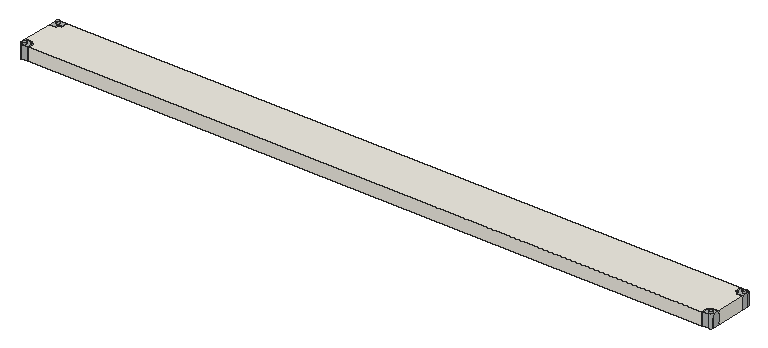
Revit family "HIGHTECH", category Осветительные приборы, Revit 2019 (continued)
Types (32, lengths in mm): name | Файл фотометрической сетки | built-in parameter 1150105 | Lumens | built-in parameter 1150106 | built-in parameter 1150142 | Wattage | Emit from Rectangle Width | Emit from Rectangle Length | Длина | Ширина | ADSK_Ток | ADSK_Полная мощность | ADSK_Обозначение | ADSK_Номинальная мощность | ADSK_Наименование | ADSK_Масса | ADSK_Код изделия
  Hightech-76/opal-sand 595х1195 (IP40, 4000К, белый) | "Светильник HIGHTECH-76 OPAL-SAND-(595x1195).IES" | 604.79 (stored number, unit not read) | 7600 lm | 6.0479 (stored number, unit not read) | "IESNA:LM-63-95\r\n[TEST] Протокол № 9\r\n[DATA]17.06.2016\r\n[MORE] \r\n[MANUFAC] ЗАО \"Центрстройсвет\"\r\n[LUMCAT]  Светильник CSVT HIGHTECH 76/OPAL-SAND-(595x1195)\r\n[LUMINAIRE]\r\n[LAMPCAT] Светодиоды\r\n[LAMP] Поток источника света (светодиодов) не известен\r\n[MORE] КСС приведена в абсолютных величинах кд\r\n[MORE] Вместо потока лампы, указан поток светильника.\r\nTILT=NONE\r\n1    7550 1.0 37 73 1 2 0.595 1.195 0.04\r\n1.0 1.0 74.9\r\n0.0 5.0 10.0 15.0 20.0 25.0 30.0 35.0 40.0 45.0 50.0 55.0 60.0 65.0 70.0 75.0 80.0 85.0 90.0 95.0 100.0 105.0 110.0 115.0 120.0 125.0 130.0 135.0 140.0 145.0 150.0 155.0 160.0 165.0 170.0 175.0 180.0\r\n0.0 5.0 10.0 15.0 20.0 25.0 30.0 35.0 40.0 45.0 50.0 55.0 60.0 65.0 70.0 75.0 80.0 85.0 90.0 95.0 100.0 105.0 110.0 115.0 120.0 125.0 130.0 135.0 140.0 145.0 150.0 155.0 160.0 165.0 170.0 175.0 180.0 185.0 190.0 195.0 200.0 205.0 210.0 215.0 220.0 225.0 230.0 235.0 240.0 245.0 250.0 255.0 260.0 265.0 270.0 275.0 280.0 285.0 290.0 295.0 300.0 305.0 310.0 315.0 320.0 325.0 330.0 335.0 340.0 345.0 350.0 355.0 360.0\r\n2801.4 2785.1 2737.6 2663.2 2562.0 2429.4 2290.6 2118.8 1925.9 1735.4 1535.0 1324.4 1112.9 901.8 690.7 489.4 303.1 133.0 17.7 0.1 0.0 0.0 0.0 0.0 0.0 0.0 0.0 0.0 0.0 0.0 0.1 0.0 0.0 0.0 0.0 0.0 0.0\r\n2801.4 2783.6 2740.4 2670.6 2563.2 2433.9 2284.8 2117.8 1931.7 1740.0 1531.7 1320.8 1111.8 900.3 688.8 487.1 302.0 131.8 17.4 0.1 0.0 0.0 0.0 0.0 0.0 0.0 0.0 0.0 0.0 0.1 0.2 0.0 0.0 0.0 0.0 0.0 0.0\r\n2801.4 2783.8 2740.1 2669.6 2559.8 2437.9 2282.9 2111.9 1930.5 1728.9 1531.4 1321.6 1111.6 899.1 686.0 486.5 299.7 131.3 16.8 0.0 0.0 0.0 0.0 0.0 0.0 0.0 0.0 0.0 0.0 0.2 0.2 0.0 0.0 0.0 0.0 0.0 0.0\r\n2801.4 2785.7 2740.9 2666.1 2563.1 2439.1 2281.6 2114.8 1927.2 1733.6 1527.4 1319.2 1106.4 894.2 684.5 484.4 297.8 130.0 15.9 0.0 0.0 0.0 0.0 0.0 0.0 0.0 0.0 0.0 0.0 0.2 0.2 0.0 0.0 0.0 0.0 0.0 0.0\r\n2801.4 2787.7 2735.0 2667.8 2565.9 2434.8 2279.5 2114.9 1929.7 1734.5 1529.4 1317.9 1103.8 893.2 684.3 483.2 295.6 129.2 15.3 0.0 0.0 0.0 0.0 0.0 0.0 0.0 0.0 0.0 0.0 0.2 0.3 0.0 0.0 0.0 0.0 0.0 0.0\r\n2801.4 2788.1 2737.0 2667.9 2568.6 2430.9 2285.5 2111.7 1926.2 1727.4 1528.1 1317.9 1105.0 892.3 683.4 483.3 294.5 128.2 14.9 0.0 0.0 0.0 0.0 0.0 0.0 0.0 0.0 0.0 0.0 0.2 0.3 0.0 0.0 0.0 0.0 0.0 0.0\r\n2801.4 2787.4 2739.0 2670.1 2564.0 2433.7 2278.9 2109.0 1926.1 1733.9 1524.6 1315.4 1104.0 890.7 681.8 479.4 293.8 128.0 14.6 0.0 0.0 0.0 0.0 0.0 0.0 0.0 0.0 0.0 0.0 0.1 0.3 0.1 0.0 0.0 0.0 0.0 0.0\r\n2801.4 2786.3 2739.7 2669.4 2557.4 2432.8 2277.6 2111.7 1931.1 1727.3 1525.2 1315.1 1102.2 889.6 681.4 479.6 291.8 127.8 14.2 0.0 0.0 0.0 0.0 0.0 0.0 0.0 0.0 0.0 0.0 0.1 0.3 0.2 0.0 0.0 0.0 0.0 0.0\r\n2801.4 2785.3 2742.5 2668.2 2563.1 2432.7 2280.9 2112.8 1924.8 1728.9 1524.9 1314.9 1101.8 890.7 677.5 480.9 291.0 127.5 13.7 0.0 0.0 0.0 0.0 0.0 0.0 0.0 0.0 0.0 0.0 0.0 0.3 0.2 0.0 0.0 0.0 0.0 0.0\r\n2801.4 2784.5 2742.4 2670.1 2562.6 2435.3 2283.6 2107.5 1924.8 1723.4 1524.0 1312.7 1101.8 886.6 680.9 477.5 290.9 127.4 13.2 0.0 0.0 0.0 0.0 0.0 0.0 0.0 0.0 0.0 0.0 0.0 0.2 0.2 0.0 0.0 0.0 0.0 0.0\r\n2801.4 2783.5 2743.9 2664.8 2565.6 2437.3 2287.2 2105.1 1922.5 1726.2 1522.2 1313.8 1100.7 888.5 679.6 476.6 290.4 127.0 12.5 0.0 0.0 0.0 0.0 0.0 0.0 0.0 0.0 0.0 0.0 0.0 0.2 0.3 0.0 0.0 0.0 0.0 0.0\r\n2801.4 2782.7 2742.5 2665.0 2564.3 2440.9 2278.7 2108.3 1920.9 1727.3 1521.8 1311.4 1099.6 888.9 677.4 478.3 289.0 127.4 12.0 0.0 0.0 0.0 0.0 0.0 0.0 0.0 0.0 0.0 0.0 0.0 0.2 0.4 0.0 0.0 0.0 0.0 0.0\r\n2801.4 2783.4 2743.4 2670.1 2565.6 2440.4 2281.8 2110.3 1923.2 1725.4 1520.9 1312.2 1097.8 887.1 679.8 476.2 289.6 126.5 11.0 0.0 0.0 0.0 0.0 0.0 0.0 0.0 0.0 0.0 0.0 0.0 0.2 0.5 0.0 0.0 0.0 0.0 0.0\r\n2801.4 2785.1 2742.5 2669.7 2568.0 2432.5 2279.3 2107.4 1924.9 1724.7 1522.4 1312.9 1100.4 886.8 678.4 476.6 291.0 125.4 10.2 0.0 0.0 0.0 0.0 0.0 0.0 0.0 0.0 0.0 0.0 0.0 0.2 0.5 0.0 0.0 0.0 0.0 0.0\r\n2801.4 2786.5 2740.0 2669.5 2575.5 2435.6 2280.3 2108.8 1922.7 1724.0 1526.1 1310.2 1095.3 887.4 677.8 477.5 287.8 127.4 10.0 0.0 0.0 0.0 0.0 0.0 0.0 0.0 0.0 0.0 0.0 0.0 0.2 0.6 0.0 0.0 0.0 0.0 0.0\r\n2801.4 2786.7 2740.5 2670.6 2573.0 2438.9 2275.4 2107.1 1917.0 1722.5 1517.4 1310.8 1097.8 887.0 678.6 476.7 287.7 127.4 9.4 0.0 0.0 0.0 0.0 0.0 0.0 0.0 0.0 0.0 0.0 0.0 0.1 0.7 0.0 0.0 0.0 0.0 0.0\r\n2801.4 2786.2 2741.4 2673.1 2574.2 2432.8 2279.2 2101.4 1922.2 1719.6 1519.1 1310.3 1098.5 884.9 676.9 471.5 290.5 126.8 9.3 0.0 0.0 0.0 0.0 0.0 0.0 0.0 0.0 0.0 0.0 0.0 0.1 0.7 0.0 0.0 0.0 0.0 0.0\r\n2801.4 2786.0 2743.7 2673.4 2579.7 2439.7 2280.3 2110.3 1920.8 1719.9 1524.4 1312.9 1099.7 886.3 677.8 474.8 288.9 127.4 9.7 0.0 0.0 0.0 0.0 0.0 0.0 0.0 0.0 0.0 0.0 0.0 0.1 0.8 0.0 0.0 0.0 0.0 0.0\r\n2801.4 2786.3 2742.9 2669.8 2577.9 2439.3 2277.0 2103.8 1922.6 1726.9 1519.1 1310.8 1097.5 886.4 677.5 472.8 288.8 128.0 9.4 0.0 0.0 0.0 0.0 0.0 0.0 0.0 0.0 0.0 0.0 0.0 0.1 0.8 0.0 0.0 0.0 0.0 0.0\r\n2801.4 2786.2 2743.1 2670.4 2578.2 2440.7 2276.9 2105.5 1923.0 1727.2 1519.6 1311.1 1096.4 886.5 676.9 471.9 288.6 128.0 9.3 0.0 0.0 0.0 0.0 0.0 0.0 0.0 0.0 0.0 0.0 0.0 0.1 0.8 0.0 0.0 0.0 0.0 0.0\r\n2801.4 2786.0 2743.4 2673.6 2579.2 2437.4 2278.9 2108.3 1921.0 1720.5 1524.2 1312.9 1099.5 886.0 678.5 475.2 288.9 127.7 9.7 0.0 0.0 0.0 0.0 0.0 0.0 0.0 0.0 0.0 0.0 0.0 0.1 0.7 0.0 0.0 0.0 0.0 0.0\r\n2801.4 2786.3 2741.0 2672.8 2573.1 2434.3 2279.9 2101.6 1921.5 1719.9 1519.4 1310.8 1098.8 884.7 676.7 472.2 290.2 126.2 9.4 0.0 0.0 0.0 0.0 0.0 0.0 0.0 0.0 0.0 0.0 0.0 0.1 0.7 0.0 0.0 0.0 0.0 0.0\r\n2801.4 2786.8 2740.4 2670.1 2573.6 2438.3 2275.9 2107.2 1916.7 1721.4 1517.2 1309.7 1098.4 887.4 678.7 476.2 288.5 127.3 9.4 0.0 0.0 0.0 0.0 0.0 0.0 0.0 0.0 0.0 0.0 0.0 0.1 0.6 0.0 0.0 0.0 0.0 0.0\r\n2801.4 2786.3 2740.2 2669.7 2574.4 2436.1 2280.1 2107.9 1924.3 1724.9 1525.9 1311.1 1095.1 886.7 677.5 477.8 288.0 127.4 10.0 0.0 0.0 0.0 0.0 0.0 0.0 0.0 0.0 0.0 0.0 0.0 0.2 0.6 0.0 0.0 0.0 0.0 0.0\r\n2801.4 2784.7 2743.1 2669.7 2567.5 2432.5 2279.9 2108.9 1923.1 1724.7 1522.2 1312.8 1100.6 887.2 678.1 477.5 290.2 125.6 10.4 0.0 0.0 0.0 0.0 0.0 0.0 0.0 0.0 0.0 0.0 0.0 0.2 0.5 0.0 0.0 0.0 0.0 0.0\r\n2801.4 2783.2 2743.0 2669.5 2565.0 2440.4 2281.5 2110.2 1924.6 1725.2 1522.4 1312.5 1097.6 887.6 680.6 475.2 290.4 126.5 11.2 0.0 0.0 0.0 0.0 0.0 0.0 0.0 0.0 0.0 0.0 0.0 0.2 0.4 0.0 0.0 0.0 0.0 0.0\r\n2801.4 2782.8 2742.8 2664.4 2564.0 2441.1 2277.9 2108.3 1919.7 1727.4 1521.6 1311.8 1099.5 888.9 677.5 478.6 288.7 127.4 12.1 0.0 0.0 0.0 0.0 0.0 0.0 0.0 0.0 0.0 0.0 0.0 0.2 0.3 0.0 0.0 0.0 0.0 0.0\r\n2801.4 2783.7 2743.7 2665.6 2565.3 2436.1 2288.3 2105.8 1923.1 1725.8 1522.5 1313.8 1101.5 888.8 678.9 476.9 290.5 127.1 12.8 0.0 0.0 0.0 0.0 0.0 0.0 0.0 0.0 0.0 0.0 0.0 0.2 0.2 0.0 0.0 0.0 0.0 0.0\r\n2801.4 2784.7 2742.3 2670.3 2562.8 2435.0 2284.0 2107.7 1924.6 1725.6 1523.4 1312.6 1101.1 886.4 681.5 477.7 291.1 127.3 13.4 0.0 0.0 0.0 0.0 0.0 0.0 0.0 0.0 0.0 0.0 0.0 0.3 0.2 0.0 0.0 0.0 0.0 0.0\r\n2801.4 2785.4 2742.2 2668.2 2562.5 2433.7 2279.9 2112.7 1926.2 1727.8 1524.6 1315.4 1102.1 890.8 677.5 481.1 290.8 127.7 13.8 0.0 0.0 0.0 0.0 0.0 0.0 0.0 0.0 0.0 0.0 0.1 0.3 0.2 0.0 0.0 0.0 0.0 0.0\r\n2801.4 2786.5 2739.3 2669.5 2557.0 2431.0 2277.2 2111.7 1930.1 1727.5 1526.2 1314.4 1102.1 889.6 681.7 479.6 292.4 127.8 14.3 0.0 0.0 0.0 0.0 0.0 0.0 0.0 0.0 0.0 0.0 0.1 0.3 0.1 0.0 0.0 0.0 0.0 0.0\r\n2801.4 2787.6 2738.8 2670.1 2566.8 2433.7 2280.1 2108.4 1926.6 1733.6 1526.4 1317.2 1105.5 890.9 682.2 479.7 293.8 128.0 14.7 0.0 0.0 0.0 0.0 0.0 0.0 0.0 0.0 0.0 0.0 0.1 0.3 0.1 0.0 0.0 0.0 0.0 0.0\r\n2801.4 2788.2 2736.3 2667.5 2567.1 2433.1 2285.2 2112.2 1926.5 1727.4 1526.8 1317.6 1104.6 893.0 683.4 483.8 294.8 128.4 14.9 0.0 0.0 0.0 0.0 0.0 0.0 0.0 0.0 0.0 0.0 0.2 0.3 0.0 0.0 0.0 0.0 0.0 0.0\r\n2801.4 2787.4 2735.7 2667.6 2565.5 2434.1 2279.6 2115.7 1929.9 1735.1 1528.5 1318.3 1103.7 893.8 684.5 483.3 295.8 129.3 15.4 0.0 0.0 0.0 0.0 0.0 0.0 0.0 0.0 0.0 0.0 0.2 0.2 0.0 0.0 0.0 0.0 0.0 0.0\r\n2801.4 2785.3 2741.4 2666.4 2562.5 2438.5 2281.4 2114.5 1927.8 1733.3 1529.6 1318.7 1107.1 894.2 684.8 484.7 298.3 130.2 16.2 0.0 0.0 0.0 0.0 0.0 0.0 0.0 0.0 0.0 0.0 0.2 0.2 0.0 0.0 0.0 0.0 0.0 0.0\r\n2801.4 2783.6 2740.0 2670.2 2560.3 2439.0 2281.8 2112.7 1930.5 1729.7 1531.4 1321.8 1111.6 899.4 686.5 487.0 300.1 131.4 17.0 0.0 0.0 0.0 0.0 0.0 0.0 0.0 0.0 0.0 0.0 0.2 0.2 0.0 0.0 0.0 0.0 0.0 0.0\r\n2801.4 2783.8 2740.1 2669.6 2563.6 2432.3 2286.0 2116.4 1932.0 1740.1 1531.9 1321.8 1112.6 901.0 689.2 487.4 302.2 132.0 17.6 0.1 0.0 0.0 0.0 0.0 0.0 0.0 0.0 0.0 0.0 0.1 0.1 0.0 0.0 0.0 0.0 0.0 0.0\r\n2801.4 2785.5 2737.1 2663.3 2561.8 2431.3 2291.7 2119.0 1926.3 1736.5 1535.0 1324.6 1112.8 901.5 690.9 489.7 303.6 133.1 17.8 0.1 0.0 0.0 0.0 0.0 0.0 0.0 0.0 0.0 0.0 0.0 0.0 0.0 0.0 0.0 0.0 0.0 0.0\r\n2801.4 2786.9 2737.3 2668.9 2562.8 2437.7 2285.9 2119.0 1936.6 1742.8 1535.6 1329.2 1117.7 904.4 692.0 490.7 304.9 134.5 18.0 0.1 0.0 0.0 0.0 0.0 0.0 0.0 0.0 0.0 0.0 0.0 0.0 0.0 0.0 0.0 0.0 0.0 0.0\r\n2801.4 2786.7 2739.2 2663.9 2564.2 2432.7 2285.5 2113.9 1936.0 1744.3 1537.9 1329.1 1118.6 903.3 695.7 492.3 305.8 136.0 18.2 0.1 0.0 0.0 0.0 0.0 0.0 0.0 0.0 0.0 0.1 0.1 0.0 0.0 0.0 0.0 0.0 0.0 0.0\r\n2801.4 2785.5 2737.3 2663.2 2568.9 2440.3 2284.0 2126.7 1933.3 1744.6 1539.5 1333.5 1118.0 906.0 695.8 495.1 307.2 137.4 18.3 0.1 0.0 0.0 0.0 0.0 0.0 0.0 0.0 0.0 0.1 0.1 0.0 0.0 0.0 0.0 0.0 0.0 0.0\r\n2801.4 2785.3 2737.3 2662.9 2556.7 2434.0 2287.7 2125.9 1937.9 1745.2 1542.6 1330.5 1120.7 907.0 698.9 495.4 307.6 138.6 18.4 0.1 0.0 0.0 0.0 0.0 0.0 0.0 0.0 0.0 0.0 0.1 0.0 0.0 0.0 0.0 0.0 0.0 0.0\r\n2801.4 2786.7 2737.3 2664.2 2562.9 2437.7 2287.7 2121.2 1939.3 1740.9 1541.9 1332.0 1124.0 908.1 702.4 497.7 307.1 139.5 18.6 0.0 0.0 0.0 0.0 0.0 0.0 0.0 0.0 0.0 0.0 0.1 0.0 0.0 0.0 0.0 0.0 0.0 0.0\r\n2801.4 2787.5 2735.9 2663.3 2561.5 2436.6 2283.6 2117.2 1939.2 1746.3 1547.1 1338.3 1124.5 911.0 701.3 497.4 308.3 140.6 18.4 0.0 0.0 0.0 0.0 0.0 0.0 0.0 0.0 0.0 0.1 0.1 0.0 0.0 0.0 0.0 0.0 0.0 0.0\r\n2801.4 2786.9 2736.7 2660.5 2562.5 2432.8 2285.7 2118.8 1939.9 1745.3 1546.5 1333.3 1126.2 911.7 701.7 498.6 308.5 140.4 18.3 0.0 0.0 0.0 0.0 0.0 0.0 0.0 0.0 0.0 0.0 0.1 0.0 0.0 0.0 0.0 0.0 0.0 0.0\r\n2801.4 2786.0 2740.0 2662.7 2561.6 2432.7 2285.4 2121.9 1941.7 1747.4 1545.5 1338.8 1126.5 911.1 703.5 499.5 309.2 140.5 18.1 0.0 0.0 0.0 0.0 0.0 0.0 0.0 0.0 0.0 0.0 0.0 0.0 0.0 0.0 0.0 0.0 0.0 0.0\r\n2801.4 2785.3 2740.1 2665.5 2560.9 2431.9 2280.7 2123.2 1944.4 1748.3 1546.5 1337.6 1128.1 912.6 703.2 500.1 308.6 141.7 17.7 0.0 0.0 0.0 0.0 0.0 0.0 0.0 0.0 0.0 0.1 0.0 0.0 0.0 0.0 0.0 0.0 0.0 0.0\r\n2801.4 2785.1 2738.3 2661.5 2554.3 2430.0 2287.1 2124.1 1942.5 1749.7 1550.8 1339.2 1127.5 913.7 702.5 498.5 311.4 141.4 16.8 0.0 0.0 0.0 0.0 0.0 0.0 0.0 0.0 0.1 0.2 0.0 0.0 0.0 0.0 0.0 0.0 0.0 0.0\r\n2801.4 2785.0 2740.3 2660.5 2557.0 2431.7 2284.0 2122.2 1942.5 1753.3 1548.2 1337.3 1128.7 914.1 703.2 500.9 309.3 141.9 16.2 0.0 0.0 0.0 0.0 0.0 0.0 0.0 0.0 0.2 0.2 0.0 0.0 0.0 0.0 0.0 0.0 0.0 0.0\r\n2801.4 2784.6 2737.5 2662.5 2558.0 2426.3 2287.7 2120.1 1942.9 1751.4 1551.8 1339.6 1128.3 914.0 703.1 503.4 308.4 142.2 15.6 0.0 0.0 0.0 0.0 0.0 0.0 0.0 0.0 0.2 0.3 0.0 0.0 0.0 0.0 0.0 0.0 0.0 0.0\r\n2801.4 2784.0 2737.3 2660.7 2555.7 2431.7 2286.2 2123.1 1945.1 1751.7 1549.2 1343.7 1129.3 916.9 706.1 500.5 311.7 143.4 15.2 0.0 0.0 0.0 0.0 0.0 0.0 0.0 0.1 0.2 0.4 0.0 0.0 0.0 0.0 0.0 0.0 0.0 0.0\r\n2801.4 2783.5 2739.6 2659.1 2549.2 2429.8 2289.3 2124.6 1942.0 1751.8 1547.5 1338.7 1129.6 916.1 706.0 502.1 311.0 142.5 15.1 0.0 0.0 0.0 0.0 0.0 0.0 0.0 0.1 0.2 0.4 0.0 0.0 0.0 0.0 0.0 0.0 0.0 0.0\r\n2801.4 2783.5 2738.2 2659.1 2551.1 2429.3 2285.5 2122.0 1945.1 1752.3 1552.7 1345.3 1130.2 916.9 708.9 501.2 310.1 144.3 15.1 0.0 0.0 0.0 0.0 0.0 0.0 0.0 0.1 0.3 0.4 0.0 0.0 0.0 0.0 0.0 0.0 0.0 0.0\r\n2801.4 2784.2 2738.8 2660.6 2548.9 2425.4 2284.7 2124.8 1944.3 1749.7 1549.0 1340.8 1132.0 920.4 709.2 500.6 312.3 145.6 14.8 0.0 0.0 0.0 0.0 0.0 0.0 0.0 0.2 0.3 0.4 0.0 0.0 0.0 0.0 0.0 0.0 0.0 0.0\r\n2801.4 2785.1 2739.0 2658.3 2548.0 2430.3 2287.7 2128.7 1944.8 1755.6 1552.9 1344.8 1127.7 918.2 708.1 501.1 310.9 143.6 14.3 0.0 0.0 0.0 0.0 0.0 0.0 0.0 0.2 0.2 0.4 0.0 0.0 0.0 0.0 0.0 0.0 0.0 0.0\r\n2801.4 2785.0 2739.0 2659.4 2548.6 2430.6 2288.4 2129.0 1946.0 1755.7 1553.6 1344.8 1125.6 916.3 706.8 500.7 309.9 143.0 14.3 0.0 0.0 0.0 0.0 0.0 0.0 0.0 0.2 0.2 0.4 0.0 0.0 0.0 0.0 0.0 0.0 0.0 0.0\r\n2801.4 2784.1 2738.5 2660.1 2548.7 2426.1 2284.6 2124.3 1944.6 1750.2 1548.5 1341.2 1132.9 920.6 709.6 500.8 312.6 145.6 14.8 0.0 0.0 0.0 0.0 0.0 0.0 0.0 0.2 0.3 0.4 0.0 0.0 0.0 0.0 0.0 0.0 0.0 0.0\r\n2801.4 2783.5 2738.5 2659.2 2551.9 2429.0 2285.2 2123.1 1944.2 1752.7 1554.1 1344.7 1129.6 917.7 709.3 501.3 310.2 144.4 14.9 0.0 0.0 0.0 0.0 0.0 0.0 0.0 0.1 0.3 0.4 0.0 0.0 0.0 0.0 0.0 0.0 0.0 0.0\r\n2801.4 2783.5 2739.5 2659.3 2548.8 2429.7 2289.5 2124.0 1941.5 1750.2 1546.8 1338.9 1130.1 915.3 705.9 502.4 309.9 142.5 15.3 0.0 0.0 0.0 0.0 0.0 0.0 0.0 0.1 0.2 0.4 0.0 0.0 0.0 0.0 0.0 0.0 0.0 0.0\r\n2801.4 2784.1 2736.6 2661.3 2556.7 2431.5 2285.9 2122.0 1945.8 1752.1 1549.3 1343.5 1129.1 916.9 705.5 500.2 312.6 142.8 15.3 0.0 0.0 0.0 0.0 0.0 0.0 0.0 0.0 0.2 0.4 0.0 0.0 0.0 0.0 0.0 0.0 0.0 0.0\r\n2801.4 2784.7 2738.2 2662.1 2558.6 2427.2 2287.5 2120.9 1941.9 1750.0 1550.5 1339.6 1127.8 914.1 703.8 502.7 308.6 142.3 15.6 0.0 0.0 0.0 0.0 0.0 0.0 0.0 0.0 0.2 0.2 0.0 0.0 0.0 0.0 0.0 0.0 0.0 0.0\r\n2801.4 2785.0 2740.0 2660.6 2556.4 2430.7 2282.5 2122.9 1942.2 1754.8 1549.0 1337.6 1128.6 914.4 701.8 501.3 309.2 141.9 16.3 0.0 0.0 0.0 0.0 0.0 0.0 0.0 0.0 0.1 0.2 0.0 0.0 0.0 0.0 0.0 0.0 0.0 0.0\r\n2801.4 2785.1 2738.3 2661.9 2554.4 2431.0 2289.2 2123.3 1943.9 1748.6 1550.3 1339.2 1127.2 913.4 702.6 498.5 311.2 141.1 17.0 0.0 0.0 0.0 0.0 0.0 0.0 0.0 0.0 0.1 0.2 0.0 0.0 0.0 0.0 0.0 0.0 0.0 0.0\r\n2801.4 2785.4 2740.5 2665.8 2562.2 2431.4 2279.8 2124.1 1942.8 1748.1 1547.0 1337.3 1128.6 912.0 703.8 498.9 308.4 141.7 17.7 0.0 0.0 0.0 0.0 0.0 0.0 0.0 0.0 0.0 0.1 0.0 0.0 0.0 0.0 0.0 0.0 0.0 0.0\r\n2801.4 2786.1 2739.5 2661.5 2562.2 2433.4 2285.9 2120.6 1941.9 1748.4 1543.7 1338.3 1125.8 911.4 701.9 500.5 309.1 140.4 18.2 0.0 0.0 0.0 0.0 0.0 0.0 0.0 0.0 0.0 0.0 0.0 0.0 0.0 0.0 0.0 0.0 0.0 0.0\r\n2801.4 2787.1 2736.2 2661.1 2560.8 2433.8 2284.0 2117.5 1940.0 1745.1 1547.1 1333.3 1125.8 911.1 702.0 498.1 308.3 140.4 18.3 0.0 0.0 0.0 0.0 0.0 0.0 0.0 0.0 0.0 0.1 0.1 0.0 0.0 0.0 0.0 0.0 0.0 0.0\r\n2801.4 2787.5 2736.1 2663.6 2563.1 2435.4 2286.8 2118.9 1937.6 1745.6 1546.6 1337.6 1124.9 911.1 701.8 497.2 308.0 140.5 18.5 0.0 0.0 0.0 0.0 0.0 0.0 0.0 0.0 0.0 0.1 0.1 0.0 0.0 0.0 0.0 0.0 0.0 0.0\r\n2801.4 2786.4 2737.4 2664.5 2561.6 2437.6 2286.9 2120.4 1940.7 1741.5 1541.1 1331.6 1123.8 907.4 701.2 497.3 307.1 139.3 18.6 0.0 0.0 0.0 0.0 0.0 0.0 0.0 0.0 0.0 0.0 0.1 0.0 0.0 0.0 0.0 0.0 0.0 0.0\r\n2801.4 2785.2 2737.3 2662.3 2558.2 2435.6 2286.1 2124.6 1937.9 1744.7 1543.5 1330.0 1120.0 906.2 698.7 495.4 307.5 138.5 18.4 0.1 0.0 0.0 0.0 0.0 0.0 0.0 0.0 0.0 0.0 0.1 0.0 0.0 0.0 0.0 0.0 0.0 0.0\r\n2801.4 2785.6 2737.6 2663.6 2569.0 2439.1 2285.2 2127.4 1933.6 1743.5 1538.8 1334.1 1117.6 906.5 695.9 494.5 307.0 137.1 18.3 0.1 0.0 0.0 0.0 0.0 0.0 0.0 0.0 0.0 0.1 0.1 0.0 0.0 0.0 0.0 0.0 0.0 0.0\r\n2801.4 2786.9 2739.1 2664.5 2563.5 2433.2 2284.7 2114.5 1934.4 1744.1 1538.1 1328.4 1118.8 902.8 695.1 492.0 305.7 135.6 18.2 0.1 0.0 0.0 0.0 0.0 0.0 0.0 0.0 0.0 0.1 0.1 0.0 0.0 0.0 0.0 0.0 0.0 0.0\r\n2801.4 2786.8 2737.0 2668.8 2562.8 2437.8 2286.5 2117.8 1937.3 1743.3 1534.3 1328.6 1116.9 903.7 691.6 490.4 304.7 134.2 17.9 0.1 0.0 0.0 0.0 0.0 0.0 0.0 0.0 0.0 0.0 0.0 0.0 0.0 0.0 0.0 0.0 0.0 0.0\r\n2801.4 2785.1 2737.6 2663.2 2562.0 2429.4 2290.6 2118.8 1925.9 1735.4 1535.0 1324.4 1112.9 901.8 690.7 489.4 303.1 133.0 17.7 0.1 0.0 0.0 0.0 0.0 0.0 0.0 0.0 0.0 0.0 0.0 0.1 0.0 0.0 0.0 0.0 0.0 0.0\r\n" | 51.164 W | 555 | 115
    5 | 1195 | 595 | 0.359168 A | 82.6087 VA | "Hightech-76/opal-sand 595х1195 (IP40, 4000К, белый)" | 76 W | "Универсальный светодиодный светильник Hightech-76/opal-sand 595х1195 (IP40, 4000К, белый)" | 5 | "ЦБ000007380"
